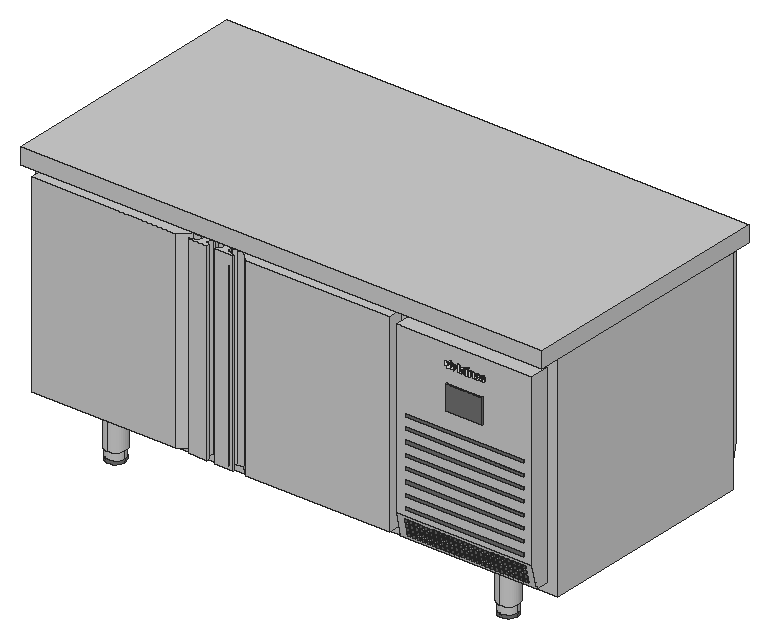
Revit family "QF_INFRICO_MR1620PDC_250813021441", category Specialty Equipment, Revit 2021 (continued)
Definition of nested family "QF_INFRICO_MRPDC_DOOR_SX_6558"
  Forms (mm)
    Extrusion 1, solid
      sketch origin (3056.326, -698.02, -168.61) x (-1, 0, 0) y (0, -1, 0)
        loop
          line (2610.426, -698.02) -> (3056.326, -698.02) -> (3056.326, -654.02) -> (2514.326, -654.02) -> (2514.326, -664.81) -> (2521.592, -664.81) -> (2526.525, -683.218) -> (2514.326, -690.261) -> (2514.326, -698.02) -> (2571.566, -698.02) -> (2571.566, -694.947) -> (2546.304, -684.224)
          arc (2546.304, -684.224) -> (2545.774, -683.563) -> (2545.566, -682.741) r 2.001
          line (2545.566, -682.741) -> (2545.222, -672.896)
          arc (2545.222, -672.896) -> (2545.582, -671.631) -> (2546.663, -670.881) r 1.95
          line (2546.663, -670.881) -> (2557.604, -667.95) -> (2580.356, -667.95) -> (2610.426, -698.02)
      from 168.61 to 765.61
    Extrusion 2, solid, visible <- "Show Clearance", detail levels coarse
      sketch origin (75, -44, 0) x (1, 0, 0) y (0, 1, 0)
        loop
          line (-75, 44) -> (467, 44)
          arc (467, 44) -> (295.701, 346.977) -> (-31, 467) r 504.649
          line (-31, 467) -> (-75, 467) -> (-75, 44)
      from 0 to 597
  Lines and regions (mm)
    symbolic lines
      curve 1: line (0, 423, 0) -> (0, 18, 0)
      curve 2: line (0, 423, 0) -> (44, 423, 0)
      curve 3: arc (44, 423, 0) -> (363.674, 308.837, 0) -> (538.713, 18, 0) r 504.649
  Dimensions and locks
    plane 4 "Right" to plane 3 "Left" = 542 mm
    plane 6 "Top" to level = 597 mm  (x2)
    plane 1 "Back" to plane 5 "Front" = 44 mm  (x2)
    plane 3 "Left" to plane 4 "Right" = 542 mm
    aligned and locked: level to plane 2
Definition of nested family "QF_INFRICO_MRPDC_DOOR_DX_7335"
  Parameters (values of type "MRPDC_DOOR_DX")
    Weight [instance] = 0.00 kg
    Warranty Start Date [instance] = ""
    Warranty Duration [instance] = ""
    URL Cutsheet [instance] = ""
    URL = "www.infrico.com"
    Technical Documentation [instance] = ""
    Tag Number [instance] = ""
    Status [instance] = ""
    Specification by User [instance] = ""
    Specification by Manufacturer [instance] = ""
    Sound Level [instance] = ""
    Solid Fuel Type [instance] = ""
    Show Logo [instance] = yes
    Show Clearances [instance] = yes
    Show Clearance [instance] = yes
    Service Life Duration [instance] = ""
    Serial Number [instance] = ""
    Seismic Rating [instance] = ""
    SMACNA No [instance] = ""
    Revision Code [instance] = ""
    Revision [instance] = ""
    Production Year [instance] = ""
    Point Load [instance] = 0
    Other Equipment Approvals [instance] = ""
    NAFEM Spec ID Number [instance] = ""
    Model Warning [instance] = ""
    Model = "MRPDC_DOOR_DX"
    Masterspec [instance] = ""
    Manufacturer = "INFRICO"
    Length Actual [instance] = 0 mm
    Item Number [instance] = ""
    Installed By [instance] = ""
    Installation Date [instance] = ""
    Identify Quantity as Lot [instance] = yes
    ID [instance] = ""
    Hygiene Approval [instance] = ""
    Height Actual [instance] = 0 mm
    Furnished By [instance] = ""
    Foodservice Equipment Identifier [instance] = yes
    ETL Approved [instance] = yes
    Description = "RIGHT DOOR"
    Depth Actual [instance] = 0 mm
    Default Elevation = 0 mm
    CSI MasterFormat [instance] = ""
    CE Approved [instance] = yes
    Barcode [instance] = ""
    Author [instance] = ""
    Asset Identifier [instance] = ""
    Assembly Code = "E1090320"
    Accessory [instance] = yes
  Reference planes
    plane 1 "Back": y = 0
    plane 2: z = 0
    plane 3 "Left": x = 0
    plane 4 "Right": x = 542
    plane 5 "Front": y = -44
    plane 6 "Top": z = 597
  Forms (mm)
    Extrusion 1, solid
      sketch origin (-2514.326, -698.02, -168.61) x (1, 0, 0) y (0, 1, 0)
        loop
          line (2610.426, 698.02) -> (2580.356, 667.95) -> (2557.604, 667.95) -> (2546.663, 670.881)
          arc (2546.663, 670.881) -> (2545.582, 671.631) -> (2545.222, 672.896) r 1.95
          line (2545.222, 672.896) -> (2545.566, 682.741)
          arc (2545.566, 682.741) -> (2545.774, 683.563) -> (2546.304, 684.224) r 2.001
          line (2546.304, 684.224) -> (2571.566, 694.947) -> (2571.566, 698.02) -> (2514.326, 698.02) -> (2514.326, 690.261) -> (2526.525, 683.218) -> (2521.592, 664.81) -> (2514.326, 664.81) -> (2514.326, 654.02) -> (3056.326, 654.02) -> (3056.326, 698.02) -> (2610.426, 698.02)
      from 168.61 to 765.61
    Extrusion 2, solid, visible <- "Show Clearance", detail levels coarse
      sketch origin (467, -44, 0) x (-1, 0, 0) y (0, -1, 0)
        loop
          line (-75, -44) -> (-75, -467) -> (-31, -467)
          arc (-31, -467) -> (295.701, -346.977) -> (467, -44) r 504.649
          line (467, -44) -> (-75, -44)
      from 0 to 597
  Lines and regions (mm)
    symbolic lines
      curve 1: line (542, 423, 0) -> (542, 18, 0)
      curve 2: arc (3.287, 18, 0) -> (178.326, 308.837, 0) -> (498, 423, 0) r 504.649
      curve 3: line (498, 423, 0) -> (542, 423, 0)
  Dimensions and locks
    plane 4 "Right" to plane 3 "Left" = 542 mm
    plane 6 "Top" to level = 597 mm  (x2)
    plane 1 "Back" to plane 5 "Front" = 44 mm  (x2)
    plane 3 "Left" to plane 4 "Right" = 542 mm
    aligned and locked: level to plane 2
Definition of nested family "QF_INFRICO_WORKTOP_8112"
  Parameters (values of type "WRKT20_30")
    Weight [instance] = 0.00 kg
    Warranty Start Date [instance] = ""
    Warranty Duration [instance] = ""
    URL Cutsheet [instance] = ""
    URL = "www.infrico.com"
    Technical Documentation [instance] = ""
    Tag Number [instance] = ""
    Status [instance] = ""
    Specification by User [instance] = ""
    Specification by Manufacturer [instance] = ""
    Sound Level [instance] = ""
    Solid Fuel Type [instance] = ""
    Show Logo [instance] = yes
    Show Clearances [instance] = yes
    Show Clearance [instance] = yes
    Service Life Duration [instance] = ""
    Serial Number [instance] = ""
    Seismic Rating [instance] = ""
    SMACNA No [instance] = ""
    Revision Code [instance] = ""
    Revision [instance] = ""
    Production Year [instance] = ""
    Point Load [instance] = 0
    Other Equipment Approvals [instance] = ""
    NAFEM Spec ID Number [instance] = ""
    Model Warning [instance] = ""
    Model = "WRKT20_30"
    Masterspec [instance] = ""
    Manufacturer = "INFRICO"
    Length Actual [instance] = 0 mm
    Length = 1960 mm
    Item Number [instance] = ""
    Installed By [instance] = ""
    Installation Date [instance] = ""
    Identify Quantity as Lot [instance] = yes
    ID [instance] = ""
    Hygiene Approval [instance] = ""
    Height Actual [instance] = 0 mm
    Furnished By [instance] = ""
    Foodservice Equipment Identifier [instance] = yes
    ETL Approved [instance] = yes
    Description = "WORKTOP WHITOUT BACKSPLASH 2000_300"
    Depth Actual [instance] = 0 mm
    Depth = 300 mm
    Default Elevation = 0 mm
    CSI MasterFormat [instance] = ""
    CE Approved [instance] = yes
    Barcode [instance] = ""
    Author [instance] = ""
    Asset Identifier [instance] = ""
    Assembly Code = "E1090320"
    Accessory [instance] = yes
  Types (38, lengths in mm): name | Model | Length | Description | Depth
    ENC12SPGN19 | "ENC12SPGN19" | 1960 | "WORKTOP WITHOUT BACKSPLASH" | 700
    ENC12SPGN14 | "ENC12SPGN14" | 1468 | "WORKTOP WITHOUT BACKSPLASH" | 700
    ENC12SPGN24 | "ENC12SPGN24" | 2452 | "WORKTOP WITHOUT BACKSPLASH" | 700
    ENC12SPGN14R | "ENC12SPGN14R" | 1160 | "WORKTOP WITHOUT BACKSPLASH" | 700
    ENC12SPGN19R | "ENC12SPGN19R" | 1652 | "WORKTOP WITHOUT BACKSPLASH" | 700
    ENC12SPGN24R | "ENC12SPGN24R" | 2144 | "WORKTOP WITHOUT BACKSPLASH" | 700
    ENC12SPBM20 | "ENC12SPBM20" | 1960 | "WORKTOP WITHOUT BACKSPLASH" | 600
    ENC12SPBM15 | "ENC12SPBM15" | 1468 | "WORKTOP WITHOUT BACKSPLASH" | 600
    ENC12SPBM25 | "ENC12SPBM25" | 2452 | "WORKTOP WITHOUT BACKSPLASH" | 600
    ENC12SPBM15R | "ENC12SPBM15R" | 1160 | "WORKTOP WITHOUT BACKSPLASH" | 600
    ENC12SPBM20R | "ENC12SPBM20R" | 1652 | "WORKTOP WITHOUT BACKSPLASH" | 600
    ENC12SPMR16 | "ENC12SPMR16" | 1618 | "WORKTOP WITHOUT BACKSPLASH" | 800
    ENC12SPMR21 | "ENC12SPMR21" | 2185 | "WORKTOP WITHOUT BACKSPLASH" | 800
    ENC12SPMR27 | "ENC12SPMR27" | 2752 | "WORKTOP WITHOUT BACKSPLASH" | 800
    ENC12SPMR16R | "ENC12SPMR16R" | 1310 | "WORKTOP WITHOUT BACKSPLASH" | 800
    ENC12SPMR21R | "ENC12SPMR21R" | 1877 | "WORKTOP WITHOUT BACKSPLASH" | 800
    ENC12SPMR27R | "ENC12SPMR27R" | 2444 | "WORKTOP WITHOUT BACKSPLASH" | 800
    ENC12SPBM25R | "ENC12SPBM25R" | 2144 | "WORKTOP WITHOUT BACKSPLASH" | 600
    ENC12SPMS20 | "ENC12SPMS20" | 2000 | "WORKTOP WITHOUT BACKSPLASH" | 700
    ENC12SPMS24 | "ENC12SPMS24" | 2400 | "WORKTOP WITHOUT BACKSPLASH" | 700
    ENC12SPMS10 | "ENC12SPMS10" | 1000 | "WORKTOP WITHOUT BACKSPLASH" | 700
    ENC12SPMS14 | "ENC12SPMS14" | 1400 | "WORKTOP WITHOUT BACKSPLASH" | 700
    ENC12SPMS16 | "ENC12SPMS16" | 1600 | "WORKTOP WITHOUT BACKSPLASH" | 700
    ENC12SPME10 | "ENC12SPME10" | 978 | "WORKTOP WITHOUT BACKSPLASH" | 700
    ENC12SPME14 | "ENC12SPME14" | 1460 | "WORKTOP WITHOUT BACKSPLASH" | 700
    WRKT10_30 | "WRKT10_30" | 1000 | "WORKTOP WHITOUT BACKSPLASH 1000_300" | 300
    WRKT10_60 | "WRKT10_60" | 1000 | "WORKTOP WHITOUT BACKSPLASH 1000_600" | 600
    WRKT15_30 | "WRKT15_30" | 1468 | "WORKTOP WHITOUT BACKSPLASH 1500_300" | 300
    WRKT15_60 | "WRKT15_60" | 1468 | "WORKTOP WHITOUT BACKSPLASH 1500_600" | 600
    WRKT20_30 | "WRKT20_30" | 1960 | "WORKTOP WHITOUT BACKSPLASH 2000_300" | 300
    WRKT20_60 | "WRKT20_60" | 1960 | "WORKTOP WHITOUT BACKSPLASH 2000_600" | 600
    WRKT25_30 | "WRKT25_30" | 2452 | "WORKTOP WHITOUT BACKSPLASH 2500_300" | 300
    WRKT25_60 | "WRKT25_60" | 2452 | "WORKTOP WHITOUT BACKSPLASH 2500_600" | 600
    WRKT15_60_MT | "WRKT15_60_MT" | 1500 | "WORKTOP WHITOUT BACKSPLASH 1500_600" | 600
    WRKT15_70_MT | "WRKT15_70_MT" | 1500 | "WORKTOP WHITOUT BACKSPLASH 1500_700" | 700
    WRKT20_70_MT | "WRKT20_70_MT" | 2000 | "WORKTOP WHITOUT BACKSPLASH 2000_700" | 700
    WRKT20_60_MT | "WRKT20_60_MT" | 2000 | "WORKTOP WHITOUT BACKSPLASH 2000_600" | 600
    WRKT10_70_MT | "WRKT10_70_MT" | 1000 | "WORKTOP WHITOUT BACKSPLASH 1000_700" | 700
  Reference planes
    plane 1 "Back": y = 0
    plane 2: z = 0
    plane 3 "Left": x = 0
    plane 4 "Right": x = 1960
    plane 5 "Front": y = -300
    plane 6 "Top": z = 50
  Forms (mm)
    Extrusion 1, solid
      sketch origin (0, 0, -800) x (0, 1, 0) y (0, 0, 1)
        loop
          line (0, 850) -> (-300, 850) -> (-300, 800) -> (0, 800) -> (0, 850)
      from 0 to 1960
  Lines and regions (mm)
    symbolic lines
      curve 1: line (1960, 0, 0) -> (0, 0, 0)
      curve 2: line (0, 0, 0) -> (0, -300, 0)
      curve 3: line (0, -300, 0) -> (1960, -300, 0)
      curve 4: line (1960, -300, 0) -> (1960, 0, 0)
  Dimensions and locks
    plane 4 "Right" to plane 3 "Left" = 1960 mm
    plane 6 "Top" to level = 50 mm
    plane 1 "Back" to plane 5 "Front" = 300 mm
    "Length": plane 3 "Left" to plane 4 "Right"
    "Depth": plane 1 "Back" to plane 5 "Front"
    aligned and locked: level to plane 2
    aligned and locked: Extrusion 1 to plane 4 "Right"
  Automatic sketch dimensions
    plane 1 "Back" to curve 1 = 0 mm
    curve 1 to plane 3 "Left" = 0 mm
    curve 3 to plane 4 "Right" = 0 mm
    curve 3 to plane 5 "Front" = 0 mm
    Extrusion 1 sketch curve to plane 5 "Front" = 0 mm
    Extrusion 1 sketch curve to level = 0 mm
    Extrusion 1 sketch curve to plane 1 "Back" = 0 mm
    Extrusion 1 sketch curve to plane 6 "Top" = 0 mm
Definition of nested family "QF_INFRICO_LEGS_8956"
  Parameters (values of type "LEGS_2190_740")
    Weight [instance] = 0.00 kg
    Warranty Start Date [instance] = ""
    Warranty Duration [instance] = ""
    URL Cutsheet [instance] = ""
    URL = "www.infrico.com"
    Technical Documentation [instance] = ""
    Tag Number [instance] = ""
    Status [instance] = ""
    Specification by User [instance] = ""
    Specification by Manufacturer [instance] = ""
    Sound Level [instance] = ""
    Solid Fuel Type [instance] = ""
    Show Logo [instance] = yes
    Show Clearances [instance] = yes
    Show Clearance [instance] = yes
    Service Life Duration [instance] = ""
    Serial Number [instance] = ""
    Seismic Rating [instance] = ""
    SMACNA No [instance] = ""
    Revision Code [instance] = ""
    Revision [instance] = ""
    Production Year [instance] = ""
    Point Load [instance] = 0
    Other Equipment Approvals [instance] = ""
    NAFEM Spec ID Number [instance] = ""
    Model Warning [instance] = ""
    Model = "LEGS_2190_740"
    Masterspec [instance] = ""
    Manufacturer = "INFRICO"
    Length Actual [instance] = 0 mm
    Length = 2185 mm
    Item Number [instance] = ""
    Installed By [instance] = ""
    Installation Date [instance] = ""
    Identify Quantity as Lot [instance] = yes
    ID [instance] = ""
    Hygiene Approval [instance] = ""
    Height Actual [instance] = 0 mm
    Height = 140 mm
    Furnished By [instance] = ""
    Foodservice Equipment Identifier [instance] = yes
    ETL Approved [instance] = yes
    Description = "LEGS"
    Depth Actual [instance] = 0 mm
    Depth = 738 mm
    Default Elevation = 0 mm
    CentralLegs = if(or(Length > 2200 mm, Length = 2144 mm), 2 > 1, 2 < 1)  # no
    CSI MasterFormat [instance] = ""
    CE Approved [instance] = yes
    Barcode [instance] = ""
    Author [instance] = ""
    Asset Identifier [instance] = ""
    Assembly Code = "E1090320"
    Accessory [instance] = yes
  Types (29, lengths in mm): name | Model | Length | Height | Depth | CentralLegs
    LEGS_1960_700 | "LEGS_1960_700" | 1960 | 140 | 700 | no
    LEGS_1470_700 | "LEGS_1470_700" | 1468 | 140 | 700 | no
    LEGS_2450_700 | "LEGS_2450_700" | 2452 | 140 | 700 | yes
    LEGS_1470_600 | "LEGS_1470_600" | 1468 | 140 | 600 | no
    LEGS_1960_600 | "LEGS_1960_600" | 1960 | 140 | 600 | no
    LEGS_2450_600 | "LEGS_2450_600" | 2452 | 140 | 600 | yes
    LEGS_1610_800 | "LEGS_1610_800" | 1618 | 140 | 800 | no
    LEGS_2190_800 | "LEGS_2190_800" | 2185 | 140 | 800 | no
    LEGS_2750_800 | "LEGS_2750_800" | 2752 | 140 | 800 | yes
    LEGS_1160_700 | "LEGS_1160_700" | 1160 | 140 | 700 | no
    LEGS_1650_700 | "LEGS_1650_700" | 1652 | 140 | 700 | no
    LEGS_2140_700 | "LEGS_2140_700" | 2144 | 140 | 700 | yes
    LEGS_1960_640 | "LEGS_1960_640" | 1960 | 140 | 638 | no
    LEGS_1470_640 | "LEGS_1470_640" | 1468 | 140 | 638 | no
    LEGS_1160_600 | "LEGS_1160_600" | 1160 | 140 | 600 | no
    LEGS_1650_600 | "LEGS_1650_600" | 1652 | 140 | 600 | no
    LEGS_1310_800 | "LEGS_1310_800" | 1310 | 140 | 800 | no
    LEGS_1890_800 | "LEGS_1890_800" | 1877 | 140 | 800 | no
    LEGS_2440_800 | "LEGS_2440_800" | 2444 | 140 | 800 | yes
    LEGS_1610_740 | "LEGS_1610_740" | 1618 | 140 | 738 | no
    LEGS_2190_740 | "LEGS_2190_740" | 2185 | 140 | 738 | no
    LEGS_2140_600 | "LEGS_2140_600" | 2144 | 140 | 600 | yes
    LEGS_980_800 | "LEGS_980_800" | 980 | 150 | 800 | no
    LEGS_1470_800 | "LEGS_1470_800" | 1468 | 150 | 800 | no
    LEGS_1740_800 | "LEGS_1740_800" | 1738 | 140 | 800 | no
    LEGS_2300_800 | "LEGS_2300_800" | 2305 | 140 | 800 | yes
    LEGS_1690_800 | "LEGS_1690_800" | 1693 | 140 | 800 | no
    LEGS_2260_800 | "LEGS_2260_800" | 2260 | 140 | 800 | yes
    LEGS_1460_700 | "LEGS_1460_700" | 1460 | 140 | 700 | no
  Reference planes
    plane 1 "Back": y = 0
    plane 2: z = 0
    plane 3 "Left": x = 0
    plane 4 "Right": x = 2185
    plane 5 "Front": y = -738
    plane 6 "Top": z = 140
    plane 7 "Central": x = 1092.5
  Forms (mm)
    Extrusion 1, solid
      sketch origin (0, 0, 140) x (0, 1, 0) y (-1, 0, 0)
        loop
          line (-568, -154.986) -> (-668, -154.986) -> (-668, -244.986) -> (-568, -244.986) -> (-568, -154.986)
      from 0 to -3
    Extrusion 2, solid
      sketch origin (0, 0, 0) x (1, 0, 0) y (0, 1, 0)
        loop
          circle (199.986, -618) r 28
      from 9 to 35
    Extrusion 3, solid
      sketch origin (0, 0, 0) x (1, 0, 0) y (0, 1, 0)
        loop
          circle (199.986, -618) r 28.5
      from 0 to 9
    Sweep 4, solid
      path origin (0, 0, 0) x (0, 1, 0) y (0, 0, 1)
        loop
          line (-618, 35) -> (-618, 137)
      profile origin (0, -618, 86) x (0, -1, 0) y (1, 0, 0)
        loop
          circle (0, 199.986) r 32
    Extrusion 5, solid
      sketch origin (0, 500, 140) x (0, 1, 0) y (-1, 0, 0)
        loop
          line (-530, -154.986) -> (-630, -154.986) -> (-630, -244.986) -> (-530, -244.986) -> (-530, -154.986)
      from 0 to -3
    Extrusion 6, solid
      sketch origin (0, 500, 0) x (1, 0, 0) y (0, 1, 0)
        loop
          circle (199.986, -580) r 28
      from 9 to 35
    Extrusion 7, solid
      sketch origin (0, 500, 0) x (1, 0, 0) y (0, 1, 0)
        loop
          circle (199.986, -580) r 28.5
      from 0 to 9
    Sweep 8, solid
      path origin (0, 500, 0) x (0, 1, 0) y (0, 0, 1)
        loop
          line (-580, 35) -> (-580, 137)
      profile origin (0, -80, 86) x (0, -1, 0) y (1, 0, 0)
        loop
          circle (0, 199.986) r 32
    Extrusion 9, solid
      sketch origin (1560, 0, 140) x (0, 1, 0) y (-1, 0, 0)
        loop
          line (-568, -379.986) -> (-668, -379.986) -> (-668, -469.986) -> (-568, -469.986) -> (-568, -379.986)
      from 0 to -3
    Extrusion 10, solid
      sketch origin (1560, 0, 0) x (1, 0, 0) y (0, 1, 0)
        loop
          circle (424.986, -618) r 28
      from 9 to 35
    Extrusion 11, solid
      sketch origin (1560, 0, 0) x (1, 0, 0) y (0, 1, 0)
        loop
          circle (424.986, -618) r 28.5
      from 0 to 9
    Sweep 12, solid
      path origin (2185, 0, 0) x (0, -1, 0) y (0, 0, 1)
        loop
          line (618, 35) -> (618, 137)
      profile origin (2185, -618, 86) x (0, 1, 0) y (-1, 0, 0)
        loop
          circle (0, 199.986) r 32
    Extrusion 13, solid
      sketch origin (1560, 500, 140) x (0, 1, 0) y (-1, 0, 0)
        loop
          line (-530, -379.986) -> (-630, -379.986) -> (-630, -469.986) -> (-530, -469.986) -> (-530, -379.986)
      from 0 to -3
    Extrusion 14, solid
      sketch origin (1560, 500, 0) x (1, 0, 0) y (0, 1, 0)
        loop
          circle (424.986, -580) r 28
      from 9 to 35
    Extrusion 15, solid
      sketch origin (1560, 500, 0) x (1, 0, 0) y (0, 1, 0)
        loop
          circle (424.986, -580) r 28.5
      from 0 to 9
    Sweep 16, solid
      path origin (2185, 0, 0) x (0, -1, 0) y (0, 0, 1)
        loop
          line (80, 35) -> (80, 137)
      profile origin (2185, -80, 86) x (0, 1, 0) y (-1, 0, 0)
        loop
          circle (0, 199.986) r 32
    Extrusion 17, solid, visible <- "CentralLegs"
      sketch origin (534.014, 0, 140) x (0, 1, 0) y (-1, 0, 0)
        loop
          line (-568, -513.486) -> (-668, -513.486) -> (-668, -603.486) -> (-568, -603.486) -> (-568, -513.486)
      from 0 to -3
    Extrusion 18, solid, visible <- "CentralLegs"
      sketch origin (534.014, 0, 0) x (1, 0, 0) y (0, 1, 0)
        loop
          circle (558.486, -618) r 28
      from 9 to 35
    Extrusion 19, solid, visible <- "CentralLegs"
      sketch origin (534.014, 0, 0) x (1, 0, 0) y (0, 1, 0)
        loop
          circle (558.486, -618) r 28.5
      from 0 to 9
    Sweep 20, solid, visible <- "CentralLegs"
      path origin (1092.5, 0, 0) x (0, -1, 0) y (0, 0, 1)
        loop
          line (618, 35) -> (618, 137)
      profile origin (1092.5, -618, 86) x (0, 1, 0) y (-1, 0, 0)
        loop
          circle (0, -0.014) r 32
    Extrusion 21, solid, visible <- "CentralLegs"
      sketch origin (534.014, 500, 140) x (0, 1, 0) y (-1, 0, 0)
        loop
          line (-530, -513.486) -> (-630, -513.486) -> (-630, -603.486) -> (-530, -603.486) -> (-530, -513.486)
      from 0 to -3
    Extrusion 22, solid, visible <- "CentralLegs"
      sketch origin (534.014, 500, 0) x (1, 0, 0) y (0, 1, 0)
        loop
          circle (558.486, -580) r 28
      from 9 to 35
    Extrusion 23, solid, visible <- "CentralLegs"
      sketch origin (534.014, 500, 0) x (1, 0, 0) y (0, 1, 0)
        loop
          circle (558.486, -580) r 28.5
      from 0 to 9
    Sweep 24, solid, visible <- "CentralLegs"
      path origin (1092.5, 0, 0) x (0, -1, 0) y (0, 0, 1)
        loop
          line (80, 35) -> (80, 137)
      profile origin (1092.5, -80, 86) x (0, 1, 0) y (-1, 0, 0)
        loop
          circle (0, -0.014) r 32
  Dimensions and locks
    "Length": plane 3 "Left" to plane 4 "Right"
    "Depth": plane 1 "Back" to plane 5 "Front"
    "Height": plane 6 "Top" to plane 2
    equal spacing: plane 3 "Left", plane 7 "Central", plane 4 "Right"
    locked: Sweep 20 sketch curve to profile plane at 0.014
    locked: Sweep 24 sketch curve to profile plane at 0.014
    aligned and locked: level to plane 2
  Automatic sketch dimensions
    plane 5 "Front" to Extrusion 1 sketch curve = 70 mm
    Extrusion 1 sketch curve to Extrusion 1 sketch curve = 100 mm
    plane 3 "Left" to Extrusion 1 sketch curve = 244.986 mm
    Extrusion 1 sketch curve to Extrusion 1 sketch curve = 90 mm
    plane 3 "Left" to Extrusion 2 sketch curve = 199.986 mm
    plane 5 "Front" to Extrusion 2 sketch curve = 120 mm
    plane 3 "Left" to Extrusion 3 sketch curve = 199.986 mm
    plane 5 "Front" to Extrusion 3 sketch curve = 120 mm
    Sweep 4 sketch curve to plane 6 "Top" = 3 mm
    plane 5 "Front" to Sweep 4 sketch curve = 120 mm
    level to Sweep 4 sketch curve = 35 mm
    Sweep 4 sketch curve to profile plane = 0 mm
    plane 3 "Left" to Sweep 4 sketch curve = 199.986 mm
    plane 1 "Back" to Extrusion 5 sketch curve = 130 mm
    plane 1 "Back" to Extrusion 5 sketch curve = 30 mm
    plane 3 "Left" to Extrusion 5 sketch curve = 244.986 mm
    Extrusion 5 sketch curve to Extrusion 5 sketch curve = 90 mm
    plane 1 "Back" to Extrusion 6 sketch curve = 80 mm
    plane 3 "Left" to Extrusion 6 sketch curve = 199.986 mm
    plane 1 "Back" to Extrusion 7 sketch curve = 80 mm
    plane 3 "Left" to Extrusion 7 sketch curve = 199.986 mm
    Sweep 8 sketch curve to plane 6 "Top" = 3 mm
    plane 1 "Back" to Sweep 8 sketch curve = 80 mm
    level to Sweep 8 sketch curve = 35 mm
    Sweep 8 sketch curve to profile plane = 0 mm
    plane 3 "Left" to Sweep 8 sketch curve = 199.986 mm
    plane 5 "Front" to Extrusion 9 sketch curve = 70 mm
    Extrusion 9 sketch curve to Extrusion 9 sketch curve = 100 mm
    plane 4 "Right" to Extrusion 9 sketch curve = 155.014 mm
    Extrusion 9 sketch curve to Extrusion 9 sketch curve = 90 mm
    plane 4 "Right" to Extrusion 10 sketch curve = 200.014 mm
    plane 5 "Front" to Extrusion 10 sketch curve = 120 mm
    plane 4 "Right" to Extrusion 11 sketch curve = 200.014 mm
    plane 5 "Front" to Extrusion 11 sketch curve = 120 mm
    Sweep 12 sketch curve to profile plane = 0 mm
    profile plane to Sweep 12 sketch curve = 199.986 mm
    plane 1 "Back" to Extrusion 13 sketch curve = 130 mm
    plane 1 "Back" to Extrusion 13 sketch curve = 30 mm
    plane 4 "Right" to Extrusion 13 sketch curve = 155.014 mm
    Extrusion 13 sketch curve to Extrusion 13 sketch curve = 90 mm
    plane 1 "Back" to Extrusion 14 sketch curve = 80 mm
    plane 4 "Right" to Extrusion 14 sketch curve = 200.014 mm
    plane 1 "Back" to Extrusion 15 sketch curve = 80 mm
    plane 4 "Right" to Extrusion 15 sketch curve = 200.014 mm
    Sweep 16 sketch curve to profile plane = 0 mm
    profile plane to Sweep 16 sketch curve = 199.986 mm
    plane 5 "Front" to Extrusion 17 sketch curve = 70 mm
    Extrusion 17 sketch curve to plane 7 "Central" = 45 mm
    Extrusion 17 sketch curve to Extrusion 17 sketch curve = 100 mm
    plane 7 "Central" to Extrusion 17 sketch curve = 45 mm
    Extrusion 18 sketch curve to plane 7 "Central" = 0 mm
    plane 5 "Front" to Extrusion 18 sketch curve = 120 mm
    Extrusion 19 sketch curve to plane 7 "Central" = 0 mm
    plane 5 "Front" to Extrusion 19 sketch curve = 120 mm
    Sweep 20 sketch curve to profile plane = 0 mm
    plane 7 "Central" to Extrusion 21 sketch curve = 45 mm
    plane 1 "Back" to Extrusion 21 sketch curve = 130 mm
    plane 1 "Back" to Extrusion 21 sketch curve = 30 mm
    Extrusion 21 sketch curve to plane 7 "Central" = 45 mm
    Extrusion 22 sketch curve to plane 7 "Central" = 0 mm
    plane 1 "Back" to Extrusion 22 sketch curve = 80 mm
    Extrusion 23 sketch curve to plane 7 "Central" = 0 mm
    plane 1 "Back" to Extrusion 23 sketch curve = 80 mm
    Sweep 24 sketch curve to profile plane = 0 mm
    Sweep 16 sketch curve to plane 6 "Top" = 3 mm
    plane 1 "Back" to Sweep 16 sketch curve = 80 mm
    level to Sweep 16 sketch curve = 35 mm
    Sweep 12 sketch curve to plane 6 "Top" = 3 mm
    plane 5 "Front" to Sweep 12 sketch curve = 120 mm
    level to Sweep 12 sketch curve = 35 mm
    Sweep 20 sketch curve to plane 6 "Top" = 3 mm
    plane 5 "Front" to Sweep 20 sketch curve = 120 mm
    level to Sweep 20 sketch curve = 35 mm
    Sweep 24 sketch curve to plane 6 "Top" = 3 mm
    plane 1 "Back" to Sweep 24 sketch curve = 80 mm
    level to Sweep 24 sketch curve = 35 mm
    radius of Extrusion 2 sketch curve = 28 mm
    radius of Extrusion 3 sketch curve = 28.5 mm
    radius of Sweep 4 sketch curve = 32 mm
    radius of Extrusion 6 sketch curve = 28 mm
    radius of Extrusion 7 sketch curve = 28.5 mm
    radius of Sweep 8 sketch curve = 32 mm
    radius of Extrusion 10 sketch curve = 28 mm
    radius of Extrusion 11 sketch curve = 28.5 mm
    radius of Sweep 12 sketch curve = 32 mm
    radius of Extrusion 14 sketch curve = 28 mm
    radius of Extrusion 15 sketch curve = 28.5 mm
    radius of Sweep 16 sketch curve = 32 mm
    radius of Extrusion 18 sketch curve = 28 mm
    radius of Extrusion 19 sketch curve = 28.5 mm
    radius of Sweep 20 sketch curve = 32 mm
    radius of Extrusion 22 sketch curve = 28 mm
    radius of Extrusion 23 sketch curve = 28.5 mm
    radius of Sweep 24 sketch curve = 32 mm
Definition of nested family "CONN_POINT_DRAIN_2D___Generic_Annotation"
  Parameters (values of type "CONN_POINT_DRAIN_2D___Generic_Annotation")
    Onboard connection annotation symbol visibility [instance] = yes
  Reference planes
    plane 1: y = 0
    plane 2: x = 0
  Lines and regions (mm)
    detail lines, visible <- "Onboard connection annotation symbol visibility"
      curve 1: circle (0, 0, 0) r 0.5 normal (0, 0, 1)
      curve 2: line (-1, 0, 0) -> (1, 0, 0)
      curve 3: line (0, 1, 0) -> (0, -1, 0)
      curve 4: line (1.776, 1, 0) -> (1.25, 1, 0)
      curve 5: line (1.25, 1, 0) -> (1.25, -1, 0)
      curve 6: line (1.25, -1, 0) -> (1.776, -1, 0)
      curve 7: arc (2.206, -0.862, 0) -> (2.459, -0.589, 0) -> (2.583, -0.238, 0) r 0.918
      curve 8: arc (2.583, 0.238, 0) -> (2.459, 0.589, 0) -> (2.206, 0.862, 0) r 0.918
      curve 9: arc (2.583, -0.238, 0) -> (2.599, 0, 0) -> (2.583, 0.238, 0) r 1.77
      curve 10: arc (2.206, 0.862, 0) -> (2.002, 0.965, 0) -> (1.776, 1, 0) r 0.741
      curve 11: arc (1.776, -1, 0) -> (2.002, -0.965, 0) -> (2.206, -0.862, 0) r 0.741
Definition of nested family "CONN_POINT_ELE_2D___Generic_Annotation"
  Parameters (values of type "CONN_POINT_ELE_2D___Generic_Annotation")
    Onboard connection annotation symbol visibility [instance] = yes
  Reference planes
    plane 1: y = 0
    plane 2: x = 0
  Lines and regions (mm)
    detail lines, visible <- "Onboard connection annotation symbol visibility"
      curve 1: circle (0, 0, 0) r 0.5 normal (0, 0, 1)
      curve 2: line (-1, 0, 0) -> (1, 0, 0)
      curve 3: line (0, 1, 0) -> (0, -1, 0)
      curve 4: line (2.5, 1, 0) -> (1.25, 1, 0)
      curve 5: line (1.25, 1, 0) -> (1.25, -1, 0)
      curve 6: line (1.25, -1, 0) -> (2.5, -1, 0)
      curve 7: line (1.25, 0, 0) -> (2, 0, 0)
